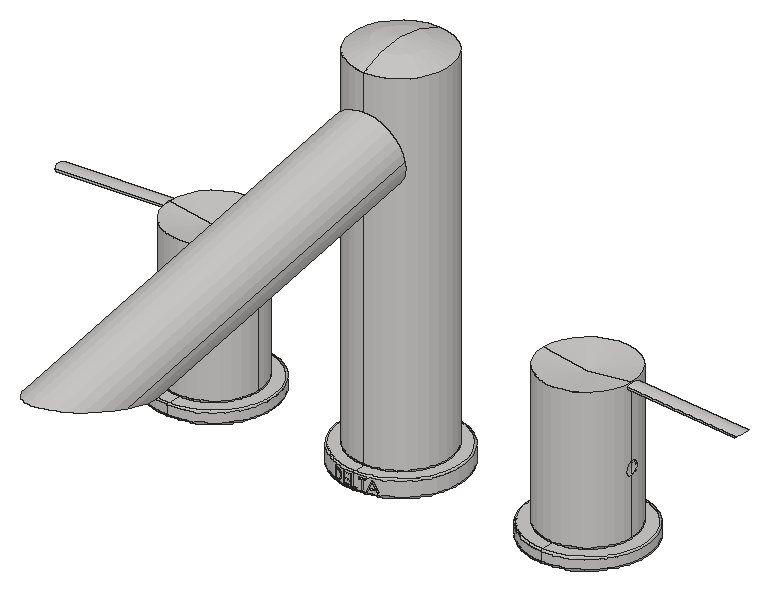
Revit family "Delta Bath Compel 2761", category Plumbing Fixtures, host Face, Revit 2012
Parameters (values of type "Delta Bath Compel 2761")
  URL = "http://www.deltafaucet.com"
  Model = "2761"
  Manufacturer = "Delta"
  Default Elevation = 4' - 0"
Reference planes (in)
  plane 1 "Center (Front/Back)": y = 0
  plane 2: z = 0
  plane 3 "Center (Left/Right)": x = 0
Dimensions and locks (in)
  aligned and locked: plane 2 to host face
  aligned and locked: level to host face
Nested families (in)
  nested 1: "Delta Bath Compel 2761" at (0, 0, 0), type "Delta Bath Compel 2761"
Connectors (in)
  piping at (0, 0, 0)
    settings: on host face, index 1, connector radius 12", flow factor 0, pipe flow 0 GPM, pressure drop 0.00 psi, fitting loss kfactor 0, connector angle 0.00°, fixture units 0, engagement length 0' - 0", flow configuration 0, flow direction 0, fitting loss method 0, system type 7, joint type 0, gender type 0, connector reference index -1, connector utility 0, adjustable connector no, is connector primary yes, fitting loss table "", connector description ""
Definition of nested family "Delta Bath Compel 2761"
  Parameters (values of type "Delta Bath Compel 2761")
    URL = "http://www.deltafaucet.com \r\n"
    Tap = Stainless Steel
    Model = "Delta Bath Compel 2761"
    Manufacturer = "Delta"
    Logo = Logo
  Reference planes (in)
    plane 1 "Center (Front/Back)": y = 0
    plane 2: z = 0
    plane 3 "Center (Left/Right)": x = 0
  Forms (in)
    Revolve 1, solid, material "Stainless Steel" <- "Tap"
      sketch origin (0, 0, -58.65) x (0, 1, 0) y (0, 0, 1)
        loop
          line (1.27, 58.68) -> (1.27, 58.98452)
          arc (1.27, 58.98452) -> (1.26121, 59.00573) -> (1.24, 59.01452) r 0.03
          line (1.24, 59.01452) -> (0, 59.01452) -> (0, 58.65) -> (1.24, 58.65)
          arc (1.24, 58.65) -> (1.26121, 58.65878) -> (1.27, 58.68) r 0.03
        axis (0, 58.65) -> (0, 59.01452)
      angle from 0 to 360
    Revolve 2, solid, material "Stainless Steel" <- "Tap"
      sketch origin (0, 0, -58.65) x (0, 1, 0) y (0, 0, 1)
        loop
          line (0, 59.01568) -> (0, 66.80647)
          arc (0, 66.80647) -> (-0.51295, 66.72928) -> (-1.00185, 66.55591) r 2.71385
          line (-1.00185, 66.55591) -> (-1.00185, 59.03824)
          arc (-1.00185, 59.03824) -> (-0.99524, 59.02229) -> (-0.97929, 59.01568) r 0.02256
          line (-0.97929, 59.01568) -> (0, 59.01568)
        axis (0, 59.01568) -> (0, 66.80647)
      angle from 0 to 360
    Sweep 3, solid, material "Stainless Steel" <- "Tap"
      path origin (0, -1.61285, -56.50438) x (0, 0.99978, -0.020978) y (0, 0.020978, 0.99978)
        loop
          line (-0.5792, 62.88809) -> (-9.42975, 60.9742)
      profile origin (0, -5.31705, 5.51812) x (0, 0.190809, -0.981627) y (1, 0, 0)
        loop
          circle (0, 0) r 0.7874
    Revolve 4, solid, material "Stainless Steel" <- "Tap"
      sketch origin (-4.00541, 0, -58.65) x (0, 1, 0) y (0, 0, 1)
        loop
          line (1.24, 58.68) -> (1.24, 58.875)
          arc (1.24, 58.875) -> (1.23121, 58.89621) -> (1.21, 58.905) r 0.03
          line (1.21, 58.905) -> (0, 58.905) -> (0, 58.65) -> (1.21, 58.65)
          arc (1.21, 58.65) -> (1.23121, 58.65878) -> (1.24, 58.68) r 0.03
        axis (0, 58.65) -> (0, 58.905)
      angle from 0 to 360
    Revolve 5, solid, material "Stainless Steel" <- "Tap"
      sketch origin (-2, 0, -58.65) x (1, 0, 0) y (0, 0, 1)
        loop
          line (-2, 58.905) -> (-1.08, 58.905)
          arc (-1.08, 58.905) -> (-1.05879, 58.91378) -> (-1.05, 58.935) r 0.03
          line (-1.05, 58.935) -> (-1.05, 61.915)
          arc (-1.05, 61.915) -> (-1.52296, 61.83376) -> (-2, 61.78148) r 7.87431
          line (-2, 61.78148) -> (-2, 58.905)
        axis (-2, 58.905) -> (-2, 61.915)
      angle from 0 to 360
    Revolve 6, void
      sketch origin (-2.16411, 0, -58.65) x (1, 0, 0) y (0, 0, 1)
        loop
          arc (-2.78589, 60.11652) -> (-2.76241, 60.18869) -> (-2.75447, 60.26416) r 0.36262
          line (-2.75447, 60.26416) -> (-2.78589, 60.26416) -> (-2.78589, 60.11652)
        axis (-2.75447, 60.26416) -> (-2.79384, 60.26416)
      angle from 0 to 360
    Extrusion 7, void
      sketch origin (0, -0.0371, 0.19088) x (0, 1, 0) y (0, 0, 1)
        loop
          line (-9.87456, 5.23627) -> (-9.56786, 3.65843) -> (-6.60036, 4.23525) -> (-9.87456, 5.23627)
      from -0.87493 to 0.83719
    Revolve 8, solid, material "Stainless Steel" <- "Tap"
      sketch origin (4.00541, 0, -58.65) x (0, 1, 0) y (0, 0, -1)
        loop
          arc (1.24, -58.68) -> (1.23121, -58.65878) -> (1.21, -58.65) r 0.03
          line (1.21, -58.65) -> (0, -58.65) -> (0, -58.905) -> (1.21, -58.905)
          arc (1.21, -58.905) -> (1.23121, -58.89621) -> (1.24, -58.875) r 0.03
          line (1.24, -58.875) -> (1.24, -58.68)
        axis (0, -58.65) -> (0, -58.905)
      angle from 0 to 360
    Revolve 9, solid, material "Stainless Steel" <- "Tap"
      sketch origin (2, 0, -58.65) x (-1, 0, 0) y (0, 0, -1)
        loop
          line (-2, -58.905) -> (-2, -61.79835)
          arc (-2, -61.79835) -> (-1.52247, -61.83603) -> (-1.05, -61.915) r 5.51712
          line (-1.05, -61.915) -> (-1.05, -58.935)
          arc (-1.05, -58.935) -> (-1.05879, -58.91378) -> (-1.08, -58.905) r 0.03
          line (-1.08, -58.905) -> (-2, -58.905)
        axis (-2, -58.905) -> (-2, -61.915)
      angle from 0 to 360
    Revolve 10, void
      sketch origin (2.16411, 0, -58.65) x (-1, 0, 0) y (0, 0, -1)
        loop
          line (-2.78589, -60.11652) -> (-2.78589, -60.26416) -> (-2.75447, -60.26416)
          arc (-2.75447, -60.26416) -> (-2.76241, -60.18869) -> (-2.78589, -60.11652) r 0.36262
        axis (-2.75447, -60.26416) -> (-2.79384, -60.26416)
      angle from 0 to 360
    Sweep 11, solid, material "Stainless Steel" <- "Tap"
      path origin (2.16069, 0, 0.40431) x (1, 0, 0) y (0, 0, 1)
        loop
          line (2.78225, 2.72603) -> (5.18053, 2.60034)
      profile origin (6.14208, 0, 3.06749) x (0.052336, 0, 0.99863) y (0, -1, 0)
        loop
          line (0.05453, -0.16232) -> (0.09748, -0.16232)
          arc (0.09748, -0.16232) -> (0.13485, -0.01468) -> (0.09748, 0.13295) r 0.31036
          line (0.09748, 0.13295) -> (0.05453, 0.13295) -> (0.05453, -0.16232)
    Extrusion 12, void
      sketch origin (2.1727, 0, 0.54) x (1, 0, 0) y (0, 0, 1)
        loop
          line (5.17559, 2.59931) -> (4.85441, 2.32011) -> (5.16011, 2.30409) -> (5.17559, 2.59931)
      from -0.21435 to 0.18711
    Sweep 13, solid, material "Stainless Steel" <- "Tap"
      path origin (-2.16069, 0, 0.40431) x (-1, 0, 0) y (0, 0, -1)
        loop
          line (2.78225, -2.72603) -> (5.18053, -2.60034)
      profile origin (-6.14208, 0, 3.06749) x (0.052336, 0, -0.99863) y (0, -1, 0)
        loop
          line (-0.05453, -0.16232) -> (-0.05453, 0.13295) -> (-0.09748, 0.13295)
          arc (-0.09748, 0.13295) -> (-0.13485, -0.01468) -> (-0.09748, -0.16232) r 0.31036
          line (-0.09748, -0.16232) -> (-0.05453, -0.16232)
    Extrusion 14, void
      sketch origin (-2.1727, 0, 0.54) x (-1, 0, 0) y (0, 0, -1)
        loop
          line (5.17559, -2.59931) -> (5.16011, -2.30409) -> (4.85441, -2.32011) -> (5.17559, -2.59931)
      from -0.21435 to 0.18711
    Sweep 15, void
      path origin (0, -0.02153, 0) x (0, 1, 0) y (0, 0, 1)
        loop
          line (-1.2885, 0.1608) -> (-1.13617, 0.1608)
      profile origin (0, -1.23387, 0.1608) x (0, 0, 1) y (1, 0, 0)
        loop
          line (-0.10236, -0.38156) -> (-0.10236, -0.45242) -> (0.13386, -0.45242) -> (0.13386, -0.38156)
          arc (0.13386, -0.38156) -> (0.01575, -0.26345) -> (-0.10236, -0.38156) r 0.11811
        loop
          line (0.10236, -0.42093) -> (0.10236, -0.38156)
          arc (0.10236, -0.38156) -> (0.01575, -0.29494) -> (-0.07087, -0.38156) r 0.08661
          line (-0.07087, -0.38156) -> (-0.07087, -0.42093) -> (0.10236, -0.42093)
        loop
          line (0.13386, -0.23195) -> (0.13386, -0.09093) -> (0.10236, -0.09093) -> (0.10236, -0.20045) -> (0.0315, -0.20045) -> (0.0315, -0.09093) -> (0, -0.09093) -> (0, -0.20045) -> (-0.07087, -0.20045) -> (-0.07087, -0.09093) -> (-0.10236, -0.09093) -> (-0.10236, -0.23195) -> (0.13386, -0.23195)
        loop
          line (-0.10236, -0.05943) -> (0.13386, -0.05943) -> (0.13386, -0.02793) -> (-0.07087, -0.02793) -> (-0.07087, 0.0816) -> (-0.10236, 0.0816) -> (-0.10236, -0.05943)
        loop
          line (-0.10236, 0.16786) -> (0.10236, 0.16786) -> (0.10236, 0.11309) -> (0.13386, 0.11309) -> (0.13386, 0.25412) -> (0.10236, 0.25412) -> (0.10236, 0.19935) -> (-0.10236, 0.19935) -> (-0.10236, 0.16786)
        loop
          line (-0.10236, 0.25412) -> (0.13386, 0.34955) -> (0.13386, 0.39204) -> (-0.10236, 0.48748) -> (-0.10236, 0.45351) -> (-0.05266, 0.43343) -> (-0.05266, 0.30817) -> (-0.10236, 0.28808) -> (-0.10236, 0.25412)
        loop
          line (0.10236, 0.3708) -> (-0.02116, 0.42071) -> (-0.02116, 0.32089) -> (0.10236, 0.3708)
  Cuts and joins
    Revolve 6, Revolve 10 cuts Revolve 5
    Extrusion 7 cuts Sweep 3
    joined: Revolve 2, Sweep 3
    Revolve 10, Extrusion 12 cuts Revolve 9
    Extrusion 12, Extrusion 14 cuts Sweep 11
    Extrusion 14 cuts Sweep 13
    Sweep 15 cuts Revolve 1
